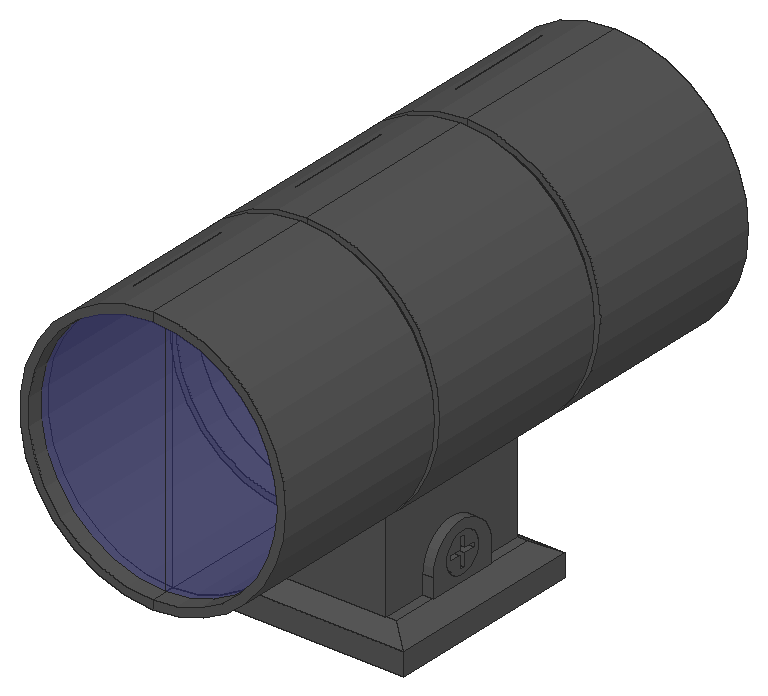
Revit family "CARLO CYLINDER LIGHT WALL MOUNT", category Lighting Fixtures, host Face, Revit 2020 (continued)
Types (10): name | Wattage_Input | Wattage Comments | Wattage | Photometric Web File | built-in parameter 1150142 | Model | built-in parameter 1150105 | Lumens | Light Length 1 | LIGHT RADIUS | LIGHT PLACEMENT | LIGHT LENGTH | LIGHT DIA | built-in parameter 1150106 | FIXED END HEIGHT | Curve base Height | Base Curve | BEAMING ANGLE | Apparent Load
    92.43 261.98 231.53 200.57 170.65 143.33 118.08 94.078 \r\n 73.73 59.684 50.362 46.036 43.812 40.428 37.252 34.714 32.362 29.837 \r\n 27.291 24.665 22.238 20.332 18.759 17.481 16.369 15.26 14.215 13.247 \r\n 12.336 11.472 10.639 9.8013 8.9989 8.2707 7.5823 6.8989 6.2615 5.7135 \r\n 5.2132 4.7182 4.2741 3.9275 3.6327 3.3557 3.1087 2.8955 2.7071 2.536 \r\n 2.3818 2.2418 2.1148 1.999 1.8934 1.7964 1.7079 1.6283 1.5544 1.4829 \r\n 1.4147 1.3495 1.2875 1.2299 1.1741 1.1177 1.062 1.0067 0.95477 0.91161 \r\n 0.8699 0.82133 0.77422 0.73572 0.70098 0.6676 0.63543 0.60341 0.5718 0.54065 \r\n 0.50956 0.47773 0.44646 0.41824 0.39136 0.36561 0.33889 0.30723 0.27603 0.2507 \r\n 0.22734 0.20352 0.18022 0.15905 0.13557 0.10431 0.069906 0.030849 0 0 \r\n 0 0.027256 0.062592 0.095669 0.12722 0.14886 0.17762 0.23662 0.29916 0.33852 \r\n 0.37785 0.44017 0.49913 0.52756 0.55093 0.59161 0.63172 0.65564 0.67896 0.71568 \r\n 0.75487 0.78785 0.82178 0.86524 0.91077 0.95196 0.99421 1.0429 1.0917 1.1329 \r\n 1.1764 1.2338 1.2928 1.3422 1.3907 1.4438 1.4996 1.5585 1.6197 1.682 \r\n 1.746 1.8106 1.8791 1.9571 2.0376 2.1118 2.1902 2.2818 2.3815 2.4864 \r\n 2.5991 2.7192 2.8523 3.0039 3.173 3.356 3.5657 3.8188 4.1001 4.3891 \r\n 4.7192 5.1208 5.583 6.1013 6.6868 7.3578 8.0877 8.8496 9.6629 10.547 \r\n 11.475 12.426 13.407 14.416 15.454 16.525 17.608 18.645 19.743 21.064 \r\n 22.383 23.425 24.508 25.787 27.482 29.897 32.933 35.389 40.884 54.13 \r\n 70.645 86.102 104.74 130.45 159.95 191.73 224.33 255.5 286.21 317.15 \r\n 346.93 374.48 399.51 421.94 439.99 450.82 457.58 462.08 465.46 469.82 \r\n 474.05 477.64 480.91 483.94 486.88 489.85 492.95 496.38 499.9 503.31 \r\n 506.66 509.95 513.16 516.28 519.34 522.36 525.4 528.49 531.65 534.78 \r\n 538.26 542.5 547.27 552.26 558.12 565.39 574.02 583.97 595.73 609.69 \r\n 626.14 645.15 667.73 694.71 726.7 762.25 808.33 875.89 951.47 1023.6 \r\n 1097.2 1169 1252.3 1362.2 1489.7 1629.8 1785.6 1960.6 2149.5 2349.3 \r\n 2556.4 2766.3 2978.5 3191.4 3404.6 3618.5 3828.9 4033.6 4227.7 4404 \r\n 4567.2 4720.5 4860.6 4985.4 5094.7 5187.7 5264.3 5322.2 5367.8 5407.5 \r\n 5509.6 \r\n5444.5 5455.6 5459.1 5451.5 5433.5 5405.5 5367.7 5321 5263.9 5196.4 \r\n 5115.3 5016.9 4903.8 4776 4638 4494.8 4343.9 4185.4 4016.4 3832 \r\n 3638.6 3439.7 3238.8 3041.8 2845.6 2649 2452.4 2252.9 2059.7 1882.3 \r\n 1717.1 1563.3 1423 1298.3 1187.6 1090.5 1005.6 931.84 868.11 813.11 \r\n 766.14 726.41 692.95 664.82 641.11 620.62 603.26 588.7 576.41 565.77 \r\n 556.71 548.99 542.43 536.87 531.99 527.4 523.23 519.57 516.18 512.82 \r\n 509.59 506.55 503.58 500.6 497.64 494.74 491.86 489.01 486.21 483.6 \r\n 480.87 477.53 474.16 471.73 468.53 464.01 455.69 440.13 419.69 395.25 \r\n 367.83 338.51 307.98 277.33 246.49 215.51 185.04 155.38 127.59 102.51 \r\n 81.119 64.817 53.295 47.867 45.06 41.414 38.191 35.635 33.339 30.98 \r\n 28.546 25.755 23.089 20.998 19.287 17.978 16.864 15.714 14.627 13.633 \r\n 12.706 11.84 11.003 10.142 9.3145 8.5762 7.8766 7.165 6.4975 5.9312 \r\n 5.4126 4.8876 4.4148 4.053 3.747 3.4563 3.1956 2.9693 2.7688 2.5877 \r\n 2.4249 2.2777 2.1449 2.0254 1.9169 1.8167 1.7249 1.6419 1.5648 1.4908 \r\n 1.4207 1.3549 1.2926 1.2336 1.1765 1.1199 1.0643 1.0086 0.95644 0.91367 \r\n 0.8724 0.82368 0.77647 0.73846 0.70443 0.67214 0.64035 0.61005 0.58024 0.55041 \r\n 0.52009 0.48782 0.45607 0.4273 0.40001 0.37439 0.34777 0.31556 0.28386 0.25903 \r\n 0.23572 0.20954 0.18385 0.1618 0.13969 0.11614 0.087212 0.040327 0 0 \r\n 0.0008805 0.036916 0.080845 0.1143 0.14487 0.16937 0.20182 0.26416 0.32947 0.37009 \r\n 0.41016 0.47381 0.53343 0.56041 0.58192 0.62196 0.66148 0.68391 0.7059 0.74243 \r\n 0.78195 0.8156 0.85034 0.89538 0.94241 0.98431 1.0267 1.0749 1.1227 1.1615 \r\n 1.2033 1.2623 1.3232 1.3721 1.4196 1.4723 1.5279 1.5866 1.6479 1.711 \r\n 1.7762 1.8424 1.9127 1.9916 2.0729 2.1493 2.2296 2.3217 2.4223 2.5305 \r\n 2.6472 2.7713 2.9084 3.0643 3.2379 3.4247 3.6406 3.9062 4.2027 4.5074 \r\n 4.8525 5.2639 5.7367 6.2726 6.8779 7.5691 8.3183 9.096 9.9238 10.822 \r\n 11.765 12.733 13.729 14.747 15.79 16.867 17.958 19.011 20.133 21.493 \r\n 22.851 23.885 25.005 26.465 28.401 31.011 34.369 37.177 43.747 60.1 \r\n 79.821 96.656 116.15 143.08 173.53 205.53 238.06 269.14 299.64 330.27 \r\n 359.43 385.73 409.14 429.76 445.85 454.42 459.33 463.38 466.8 471.06 \r\n 475.19 478.63 481.77 484.85 487.87 490.84 493.95 497.53 501.17 504.53 \r\n 507.78 511 514.16 517.3 520.42 523.54 526.65 529.73 532.85 535.94 \r\n 539.45 543.94 549.01 554.15 560.21 567.92 577.11 587.68 600.09 614.65 \r\n 631.79 651.67 675.37 703.84 737.57 774.73 823.26 895.65 976.47 1053 \r\n 1129.6 1201.1 1283.6 1394.9 1524.8 1668.6 1828.2 2005.9 2196.3 2395.2 \r\n 2600.9 2811.1 3024.5 3239.4 3454.2 3667.5 3876.5 4080 4272 4444.3 \r\n 4603.2 4754.1 4892 5013.7 5119.3 5207.8 5279.8 5333.8 5376 5412.5 \r\n 5509.6 \r\n5444.5 5457 5464.1 5460.4 5445.9 5420.5 5384.9 5340.4 5286.1 5222.9 \r\n 5147.1 5054.9 4947.5 4823.2 4687.3 4545.5 4396 4240 4073.7 3890.9 \r\n 3698.9 3501.8 3302 3103.9 2905.5 2705.8 2506.3 2305.7 2111.4 1931.3 \r\n 1762.7 1604.2 1458.8 1328.8 1214.7 1120.2 1038.3 962.84 894.84 832.46 \r\n 778.41 736.13 701.61 672.13 647.3 625.85 607.65 592.32 579.37 568.21 \r\n 558.71 550.62 543.76 537.98 532.94 528.18 523.88 520.11 516.66 513.33 \r\n 510.15 507.08 504.07 501.08 498.13 495.24 492.39 489.59 486.85 484.28 \r\n 481.6 478.43 475.24 472.74 469.76 466.21 459.5 446.59 428.83 406.03 \r\n 379.75 351.29 321.25 290.63 259.48 227.92 196.68 166.2 137.48 111.29 \r\n 88.767 71.664 58.949 50.676 45.337 41.635 38.986 36.294 33.806 31.459 \r\n 29.091 26.38 23.748 21.526 19.668 18.335 17.229 16.065 14.961 13.95 \r\n 13.006 12.126 11.277 10.412 9.5781 8.8213 8.1009 7.3735 6.6925 6.1156 \r\n 5.5862 5.0476 4.5586 4.1753 3.8493 3.5488 3.2806 3.0415 2.8292 2.6414 \r\n 2.4746 2.326 2.1924 2.0703 1.9591 1.8581 1.7652 1.6785 1.598 1.5237 \r\n 1.4543 1.3884 1.326 1.2672 1.2102 1.1522 1.0954 1.0406 0.98915 0.94441 \r\n 0.90109 0.85273 0.80611 0.76722 0.7319 0.69819 0.66544 0.63466 0.60463 0.57498 \r\n 0.5447 0.51151 0.47882 0.45004 0.42281 0.39657 0.36933 0.33704 0.30525 0.27994 \r\n 0.2558 0.22825 0.20123 0.17828 0.15609 0.1344 0.10756 0.062655 0.021325 0.0060592 \r\n 0.0109 0.045971 0.088774 0.11878 0.14863 0.18365 0.22645 0.28645 0.3485 0.39658 \r\n 0.44268 0.49842 0.54888 0.57721 0.60076 0.63485 0.66862 0.69285 0.71792 0.75385 \r\n 0.79241 0.82727 0.86287 0.90527 0.94947 0.99165 1.0343 1.0799 1.1247 1.1622 \r\n 1.2025 1.2578 1.3158 1.366 1.4158 1.4694 1.5256 1.585 1.6469 1.7108 \r\n 1.7768 1.8439 1.9147 1.9933 2.075 2.1543 2.2385 2.3333 2.4373 2.5508 \r\n 2.674 2.8052 2.9501 3.1142 3.297 3.495 3.7226 3.9973 4.3063 4.6355 \r\n 5.0061 5.4322 5.9208 6.4864 7.1211 7.8257 8.589 9.3991 10.258 11.169 \r\n 12.119 13.101 14.108 15.128 16.169 17.235 18.326 19.433 20.598 21.909 \r\n 23.221 24.265 25.497 27.316 29.62 32.07 35.775 40.698 49.947 68.614 \r\n 90.711 110.36 132.31 160.43 191.44 223.67 256.18 287.31 317.58 347.47 \r\n 375.46 400.32 421.72 439 451.88 458.85 462.89 466.47 469.57 473.2 \r\n 476.75 479.82 482.73 485.65 488.57 491.47 494.56 498.16 501.83 505.14 \r\n 508.35 511.56 514.78 518.09 521.41 524.68 527.93 531.14 534.46 537.87 \r\n 541.75 546.57 552 557.64 564.24 572.42 582.13 593.37 606.58 622.01 \r\n 640.23 661.61 687.02 717.27 752.94 792.43 843.08 916.22 998.32 1078.3 \r\n 1160.1 1239.1 1329.5 1446.7 1581.8 1730.2 1894.3 2077.8 2273 2473.4 \r\n 2679.4 2889.2 3102.1 3318 3533 3744 3949.3 4148.4 4335.8 4504.4 \r\n 4659.5 4805.4 4937.8 5053.8 5153.5 5235.8 5302 5350.8 5388.1 5420 \r\n 5509.6 \r\n5444.5 5458.3 5468.6 5468.4 5457.2 5434.1 5400.6 5357.7 5305.5 5245.8 \r\n 5174.7 5088.6 4987.1 4866.2 4732.5 4591.8 4443.1 4288.9 4124.5 3943.2 \r\n 3752.6 3557.6 3359 3159.6 2958.6 2755.8 2553.5 2352.6 2158.1 1976 \r\n 1804.3 1641.5 1491.6 1357.2 1240.5 1149 1070.3 993.28 921.18 851.26 \r\n 789.94 745.15 709.68 678.94 653.07 630.74 611.78 595.75 582.19 570.54 \r\n 560.64 552.21 545.06 539.06 533.85 528.95 524.52 520.64 517.12 513.83 \r\n 510.7 507.59 504.55 501.58 498.67 495.79 492.96 490.19 487.49 484.91 \r\n 482.25 479.26 476.21 473.52 470.51 467.45 461.93 451.58 436.57 415.61 \r\n 390.7 363.27 333.85 303.42 272.09 239.95 208.02 177.13 147.92 120.76 \r\n 97.179 79.501 65.688 54.193 45.882 41.982 39.857 36.971 34.25 31.865 \r\n 29.539 26.95 24.405 22.061 20.051 18.692 17.592 16.417 15.301 14.272 \r\n 13.31 12.411 11.548 10.681 9.844 9.0663 8.3226 7.5825 6.8916 6.3042 \r\n 5.7642 5.215 4.7123 4.3054 3.9566 3.6457 3.3698 3.118 2.894 2.6996 \r\n 2.5292 2.3796 2.2456 2.1207 2.0067 1.9051 1.8114 1.7208 1.6367 1.5624 \r\n 1.4937 1.4276 1.3649 1.3066 1.2497 1.1902 1.1321 1.0783 1.0277 0.98058 \r\n 0.93482 0.88707 0.84129 0.80133 0.7642 0.72781 0.69335 0.662 0.63168 0.60222 \r\n 0.57199 0.53785 0.50419 0.47544 0.44828 0.42122 0.39315 0.3609 0.32913 0.30309 \r\n 0.27795 0.2493 0.22121 0.19721 0.17449 0.15341 0.12792 0.086668 0.045977 0.025603 \r\n 0.024337 0.055584 0.095263 0.12168 0.15132 0.19766 0.25134 0.30826 0.36615 0.42185 \r\n 0.47391 0.52001 0.55965 0.58961 0.61572 0.64323 0.67067 0.69737 0.72628 0.76153 \r\n 0.79888 0.83496 0.87138 0.91055 0.95129 0.99357 1.0364 1.0791 1.1207 1.1574 \r\n 1.1967 1.2473 1.3016 1.3535 1.4062 1.4609 1.5178 1.5778 1.6403 1.705 \r\n 1.7718 1.8395 1.9107 1.9887 2.0707 2.1533 2.2415 2.3395 2.4473 2.5666 \r\n 2.6967 2.8357 2.9893 3.163 3.3565 3.5676 3.8084 4.0918 4.4132 4.7692 \r\n 5.1683 5.6116 6.1184 6.7162 7.382 8.0992 8.8758 9.7209 10.614 11.537 \r\n 12.494 13.488 14.504 15.525 16.564 17.617 18.711 19.878 21.089 22.335 \r\n 23.594 24.682 26.074 28.275 31.006 33.449 37.728 45.147 57.343 78.081 \r\n 102.27 124.88 149.47 178.71 210.13 242.45 274.82 305.92 335.88 364.86 \r\n 391.52 414.81 434.05 447.79 457.35 463.03 466.54 469.76 472.56 475.53 \r\n 478.41 481.11 483.78 486.52 489.31 492.14 495.18 498.76 502.42 505.69 \r\n 508.87 512.09 515.39 518.9 522.45 525.87 529.27 532.66 536.22 540.05 \r\n 544.38 549.53 555.34 561.56 568.77 577.45 587.7 599.66 613.74 630.15 \r\n 649.61 672.67 699.99 732.16 769.93 812.2 865.14 938.05 1020.4 1103.9 \r\n 1191.6 1280 1380.1 1504.2 1645 1798.2 1967 2156.7 2357.2 2559.7 \r\n 2766.2 2975.5 3187.6 3403.9 3618.8 3826.9 4028.1 4221.9 4404.1 4569.1 \r\n 4720.3 4860.6 4986.8 5096.5 5189.8 5265.7 5325.6 5369 5401.3 5428.3 \r\n 5509.6 \r\n5444.5 5459.3 5472.4 5475.4 5467.2 5446.5 5414.9 5373.3 5322.7 5266 \r\n 5198.8 5118.6 5022.9 4905.6 4774.3 4634.6 4486.5 4333.6 4170.6 3990.7 \r\n 3801.5 3608.7 3411.5 3210.5 3006.9 2801 2596.4 2395.8 2201.7 2017.8 \r\n 1843.2 1676.6 1522.6 1384.4 1265.6 1176.6 1100.5 1022.1 946.17 869.18 \r\n 801.01 753.8 717.38 685.44 658.59 635.43 615.77 599.07 584.93 572.82 \r\n 562.55 553.79 546.37 540.16 534.77 529.73 525.19 521.2 517.62 514.35 \r\n 511.26 508.12 505.05 502.13 499.26 496.39 493.56 490.81 488.12 485.48 \r\n 482.81 479.98 477.04 474.07 470.86 467.93 463.24 455.25 442.93 423.97 \r\n 400.68 374.44 345.81 315.74 284.4 251.78 219.29 188.34 158.96 130.99 \r\n 106.43 88.246 73.329 58.467 46.978 42.652 40.859 37.727 34.762 32.293 \r\n 29.974 27.518 25.083 22.622 20.461 19.071 17.969 16.784 15.657 14.61 \r\n 13.627 12.707 11.827 10.959 10.12 9.3192 8.5505 7.7998 7.1014 6.5025 \r\n 5.9506 5.3922 4.8769 4.445 4.0714 3.7486 3.464 3.1995 2.9641 2.7631 \r\n 2.5888 2.4378 2.3032 2.175 2.0579 1.9555 1.861 1.7666 1.679 1.6044 \r\n 1.5363 1.4697 1.4066 1.3485 1.2916 1.2306 1.1711 1.1184 1.0686 1.019 \r\n 0.97076 0.92381 0.87907 0.83802 0.79889 0.75964 0.7226 0.69065 0.65997 0.6306 \r\n 0.60036 0.5653 0.5307 0.50197 0.47483 0.44683 0.41782 0.38562 0.3539 0.32698 \r\n 0.30074 0.27126 0.24233 0.2172 0.1936 0.17214 0.14735 0.11074 0.071907 0.048035 \r\n 0.04112 0.065996 0.10133 0.12488 0.15515 0.21221 0.27599 0.32989 0.38359 0.4459 \r\n 0.50283 0.53878 0.56734 0.59878 0.62746 0.64856 0.66996 0.69942 0.73241 0.767 \r\n 0.80306 0.84023 0.87735 0.91317 0.95032 0.99248 1.0353 1.0753 1.1139 1.1504 \r\n 1.1891 1.2348 1.2849 1.3386 1.3944 1.4503 1.5079 1.5684 1.6314 1.6971 \r\n 1.7647 1.8328 1.9043 1.9817 2.064 2.1497 2.2421 2.3435 2.4553 2.5804 \r\n 2.7176 2.8646 3.0276 3.2119 3.4174 3.6428 3.8976 4.1899 4.5237 4.9075 \r\n 5.3369 5.7998 6.3272 6.9584 7.6558 8.3856 9.1755 10.056 10.984 11.92 \r\n 12.883 13.885 14.908 15.932 16.971 18.015 19.112 20.34 21.599 22.773 \r\n 23.985 25.162 26.764 29.335 32.542 35.256 40.405 50.491 65.661 88.209 \r\n 114.19 139.71 166.91 197.16 228.87 261.15 293.25 324.22 353.78 381.72 \r\n 406.92 428.51 445.54 455.78 462.17 466.83 470.09 473.04 475.57 477.89 \r\n 480.13 482.49 484.93 487.49 490.16 492.9 495.88 499.42 503.04 506.26 \r\n 509.42 512.67 516.07 519.79 523.57 527.14 530.69 534.29 538.13 542.41 \r\n 547.23 552.72 558.92 565.75 573.62 582.82 593.64 606.36 621.37 638.87 \r\n 659.67 684.55 713.91 748.1 788.14 833.65 889.15 961.2 1043.2 1130.2 \r\n 1224.2 1322.9 1433.8 1565.2 1711.9 1870.1 2043.8 2239.6 2445.5 2650.5 \r\n 2857.9 3066.7 3277.7 3494 3708 3913 4109.8 4298.1 4474.6 4635.8 \r\n 4783.2 4917.7 5037.3 5140.4 5227 5296.3 5350 5387.9 5415.1 5437 \r\n 5509.6 \r\n5444.5 5459.8 5475.7 5481.5 5476 5457.7 5428.2 5387.8 5338.6 5284.2 \r\n 5220.4 5145.7 5055.5 4941.9 4813.2 4674.9 4527.6 4375.8 4213.9 4035.3 \r\n 3847.6 3656.9 3460.8 3258.2 3052.2 2843.8 2637.4 2437.4 2243.8 2058.2 \r\n 1880.7 1710.5 1552.9 1411.5 1290.7 1203 1128.1 1048.1 968.86 885.86 \r\n 811.9 762.42 724.94 691.8 664 640.05 619.72 602.38 587.67 575.12 \r\n 564.47 555.4 547.73 541.3 535.74 530.56 525.92 521.84 518.19 514.93 \r\n 511.86 508.7 505.62 502.74 499.92 497.04 494.19 491.43 488.71 485.99 \r\n 483.26 480.56 477.69 474.41 470.93 467.86 463.67 457.74 447.94 431.12 \r\n 409.7 384.82 357.13 327.62 296.46 263.56 230.73 199.97 170.66 142.06 \r\n 116.61 97.819 81.69 63.546 48.908 43.844 42.05 38.623 35.434 32.835 \r\n 30.478 28.135 25.802 23.229 20.922 19.491 18.378 17.181 16.043 14.975 \r\n 13.969 13.025 12.126 11.256 10.414 9.5882 8.7932 8.0333 7.3286 6.7159 \r\n 6.1493 5.5814 5.0537 4.596 4.1962 3.859 3.5636 3.2868 3.0406 2.8325 \r\n 2.6534 2.5 2.3635 2.2315 2.1109 2.0073 1.9117 1.8137 1.7226 1.6472 \r\n 1.579 1.5116 1.4478 1.3896 1.3324 1.27 1.2093 1.1575 1.1083 1.0565 \r\n 1.006 0.96009 0.91654 0.87455 0.83352 0.79142 0.75173 0.71919 0.68807 0.65863 \r\n 0.62823 0.59233 0.55691 0.52812 0.50088 0.47189 0.44192 0.4097 0.37796 0.35009 \r\n 0.32277 0.29269 0.26314 0.23687 0.21215 0.18958 0.16491 0.13327 0.097065 0.071954 \r\n 0.061176 0.078943 0.10798 0.13024 0.16231 0.22812 0.29989 0.35164 0.40199 0.46876 \r\n 0.52839 0.55492 0.57353 0.60588 0.6366 0.65234 0.66881 0.70097 0.73773 0.77175 \r\n 0.80661 0.84461 0.88225 0.91507 0.949 0.99078 1.0335 1.071 1.1074 1.1443 \r\n 1.1828 1.2242 1.2703 1.3256 1.3843 1.4413 1.4997 1.5605 1.6238 1.6903 \r\n 1.7589 1.8274 1.8989 1.976 2.0588 2.1475 2.2437 2.3484 2.4643 2.5948 \r\n 2.7387 2.8938 3.0663 3.2621 3.4806 3.7207 3.99 4.2915 4.6383 5.0497 \r\n 5.5095 5.9947 6.5452 7.2095 7.9378 8.6812 9.4848 10.399 11.359 12.309 \r\n 13.279 14.287 15.315 16.344 17.386 18.427 19.532 20.817 22.119 23.228 \r\n 24.41 25.731 27.593 30.492 34.214 37.599 43.986 56.695 74.627 98.71 \r\n 126.18 154.33 183.91 215.03 246.91 279.03 310.74 341.46 370.51 397.32 \r\n 420.99 440.78 455.59 462.62 466.22 470.13 473.35 476.12 478.42 480.18 \r\n 481.84 483.92 486.18 488.59 491.15 493.82 496.75 500.2 503.75 506.93 \r\n 510.09 513.4 516.92 520.83 524.82 528.52 532.23 536.04 540.17 544.92 \r\n 550.22 556.04 562.61 570.06 578.6 588.33 599.74 613.27 629.26 647.93 \r\n 670.18 696.93 728.41 764.69 807.16 856.4 914.82 985.76 1067.1 1157.6 \r\n 1258 1367.1 1488.8 1627.6 1780.3 1943.6 2122.1 2323.7 2534.6 2742.3 \r\n 2950.6 3159.1 3369.1 3584.7 3797.2 3999.1 4191.6 4374.1 4544.9 4702.4 \r\n 4845.9 4974.5 5087.6 5184 5264 5326.8 5374.4 5407 5429.2 5446.1 \r\n 5509.6 \r\n5444.5 5459.2 5478 5486.1 5482.9 5467.6 5441.1 5403 5355.9 5303.7 \r\n 5242.6 5172.5 5087.3 4978.3 4853.7 4718.5 4573.7 4423.6 4263.1 4086.4 \r\n 3900.5 3711.1 3515.6 3311.7 3104.1 2895.4 2688.9 2489.2 2295 2106.4 \r\n 1925.1 1751.1 1589.7 1444.9 1320.8 1229.4 1151.1 1068 985.92 900.67 \r\n 824.7 773.17 733.86 699.32 670.38 645.49 624.36 606.3 590.97 577.89 \r\n 566.8 557.36 549.4 542.74 537.01 531.7 526.97 522.81 519.11 515.78 \r\n 512.66 509.5 506.44 503.58 500.77 497.85 494.92 492.06 489.2 486.32 \r\n 483.46 480.74 477.85 474.42 470.79 467.51 463.56 458.96 451.09 436.7 \r\n 417.66 394.44 368 339.4 308.87 276.32 243.71 213.29 184.11 155.19 \r\n 128.94 108.77 90.772 70.082 53.005 46.446 4
